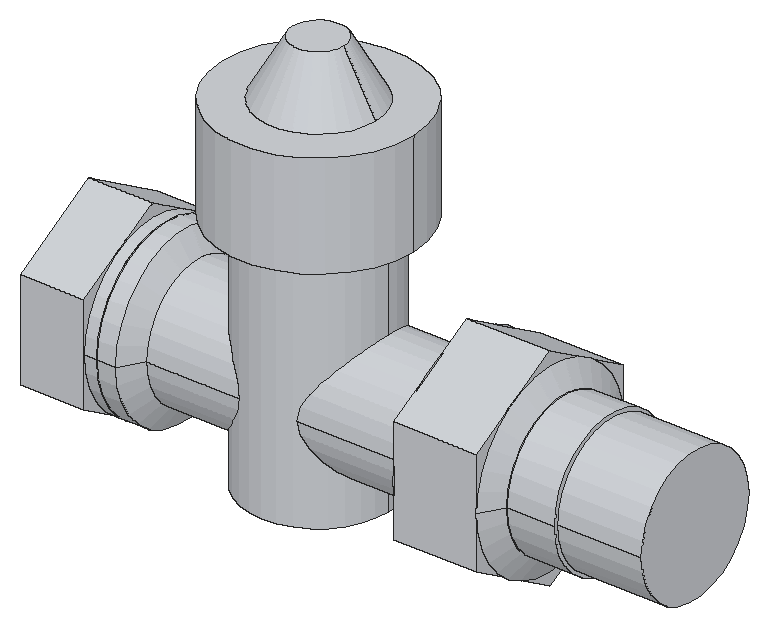
Revit family "Vario-DP_přímý_DN015_RFA_2018", category Pipe Accessories, Revit 2018
Family settings
  Round Connector Dimension = Use Diameter
  Part Type = Valve - Breaks Into
  Work Plane-Based = No
  Always vertical = Yes
  Cut with Voids When Loaded = No
  Shared = No
Parameters (values of type "Vario-DP přímý DN15")
  magiProductId = "86c7649ae082497d8c558b15a6d69e"
  magiProductFamilyId = "9a3b6d3dc30f4d82b1fd8b50564aa5"
  magiPartTypeId = 303
  ang2D [instance] = 0.00°
  Z1 = 5 mm
  W2D = 15 mm
  VersionID = "2.0/2021.2.17.1/FRESE_RADCON_RAD_LO_SHI_S_201"
  VIS0 = no
  Use Minimum Symbol Size [instance] = no
  URL = "www.hydronix.cz"
  Type Comments = "Termostatický radiátorový ventil s integrovaným omezovačem průtoku; přímý; závitový, PN10; +0~+90°C; pracovní dp 15-70kPa; max. síla pohonu 120N; připojení hlavice: M30x1,5"
  TL__ve = -TL  # -13.2 mm
  TL = 13.2 mm
  SW_2 = no
  SW_1 = yes
  SW2_LLDONLY = and(SW2, LLDONLY)  # no
  SW2_LLDAndHLD = and(SW2, LLDAndHLD)  # no
  SW2_ENBL350 = and(SW2, ENBL350)  # no
  SW22 = no
  SW2 = no
  SW1_LLDONLY = and(SW1, LLDONLY)  # yes
  SW1_ENBL350 = and(SW1, ENBL350)  # no
  SW11 = no
  SW1 = yes
  SW = yes
  RT_1 = 13.5 mm
  RT_01 = 7.5 mm
  RT_0 = 9 mm
  RTX = 3.5 mm
  RT4 = 11 mm
  RT22 = 16.5 mm
  RT2 = 11 mm
  RT1 = 15.5 mm
  RT0X = 8.5 mm
  RT02 = 14.5 mm
  RT01 = 9 mm
  RT00 = 6 mm
  RT0 = 10 mm
  RT = 10.5 mm
  RR = 5 mm
  QmdConnectorList = "301;D;302;D"
  Productdata [instance] = ""
  Manufacturer = "Hydronix"
  MC Use Limits From Balancing Method = no
  MC Throttling Minimum Value = 0
  MC Throttling Maximum Value = 0
  MC Product Code = "VARIO-DP; přímý DN15; (obj.č.: 161020100); dpmin=15kPa; dpmax: 70kPa;; rozsah nastavení 20-340l/h"
  MC Pressure Drop Minimum Value = 0.0 Pa
  MC Pressure Drop Maximum Value = 0.0 Pa
  MC Enable LOD 350 = no
  MC Enable LOD 200 = no
  L_2 = 40.9 mm
  L_ = 81.8 mm
  LT = 95 mm
  LP = 8.18 mm
  LLDONLY = not(BBVIS)  # yes
  LLDAndHLD = and(or(LLDONLY, MC Enable LOD 350), not(BBVIS))  # yes
  L2D_Min = 30.48 mm
  L2D = 81.8 mm
  L22__ve = -L22  # -13 mm
  L22 = 13 mm
  L2 = 10 mm
  L1__ve = -L1  # -7.5 mm
  L1 = 7.5 mm
  L = 81.8 mm
  HS = 16.25 mm
  H = 23 mm
  ENBL350 = and(MC Enable LOD 350, not(BBVIS))  # no
  Description = "Termostatický radiátorový ventil s omezovačem max. průtoku; DN15; rozsah nastavení omezovače max. průtok: 20-340l/h"
  DT = 21 mm
  DS3 = 4 mm
  DS2 = 9 mm
  DS1 = 15 mm
  D = 15 mm
  CenSd_RT22_6 = RT22 * cos(30.00°)  # 14.289 mm
  CenSd_RT1_6 = RT1 * cos(30.00°)  # 13.423 mm
  CenSd_RT0X_6 = RT0X * cos(30.00°)  # 7.361 mm
  CAT0 = yes
  CAT = no
  C = 36 mm
  BZ = 48 mm
  BY = 16 mm
  BBVIS = MC Enable LOD 200  # no
Types (3, lengths in mm): name | magiProductId | Z1 | W2D | TL__ve | TL | RT_1 | RTX | RT4 | RT22 | RT1 | RT02 | RT | MC Product Code | L_2 | L_ | LT | LP | L2D | L | Description | DT | D | CenSd_RT22_6 | CenSd_RT1_6 | C | BY
  Vario-DP přímý DN10 | "cff3df26e6cf48da84c7a4aeae022f" | 4 | 10 | -10.1 | 10.1 | 11.35 | 1.35 | 8.85 | 14.35 | 13.35 | 12.35 | 8.35 | "VARIO-DP; přímý DN10; (obj.č.: 161010100); dpmin=15kPa; dpmax: 70kPa;; rozsah nastavení 20-340l/h" | 37.5 | 75 | 85 | 7.5 | 75 | 75 | "Termostatický radiátorový ventil s omezovačem max. průtoku; DN10; rozsah nastavení omezovače max. průtok: 20-340l/h" | 16.7 | 10 | 12.427 | 11.561 | 32 | 16
  Vario-DP přímý DN20 | "65e4e24176f04ec8add0c08a0806a3" | 7 | 20 | -14.5 | 14.5 | 16.2 | 6.2 | 13.7 | 19.2 | 18.2 | 15.7 | 13.2 | "VARIO-DP; přímý DN20; (obj.č.: 161030100); dpmin=15kPa; dpmax: 70kPa;; rozsah nastavení 20-340l/h" | 45.75 | 91.5 | 106 | 9.15 | 91.5 | 91.5 | "Termostatický radiátorový ventil s omezovačem max. průtoku; DN20; rozsah nastavení omezovače max. průtok: 20-340l/h" | 26.4 | 20 | 16.628 | 15.762 | 40 | 19.2
  Vario-DP přímý DN15 | "86c7649ae082497d8c558b15a6d69e" | 5 | 15 | -13.2 | 13.2 | 13.5 | 3.5 | 11 | 16.5 | 15.5 | 14.5 | 10.5 | "VARIO-DP; přímý DN15; (obj.č.: 161020100); dpmin=15kPa; dpmax: 70kPa;; rozsah nastavení 20-340l/h" | 40.9 | 81.8 | 95 | 8.18 | 81.8 | 81.8 | "Termostatický radiátorový ventil s omezovačem max. průtoku; DN15; rozsah nastavení omezovače max. průtok: 20-340l/h" | 21 | 15 | 14.289 | 13.423 | 36 | 16
Reference planes
  plane 1 "Center (Front/Back)": y = 0
  plane 2 "XYPLANE": z = 0
  plane 3 "Center (Left/Right)": x = 0
  plane 4 "196": z = -15
  plane 5 "195": z = -10
  plane 6 "194": x = -15.9
  plane 7 "193": x = -9.9
  plane 8 "186": x = -28.9
  plane 9 "179": y = 13.5
  plane 10 "178": y = 10
  plane 11 "177": x = -23.9
  plane 12 "176": x = -25.9
  plane 13 "175": x = -30.9
  plane 14 "173": x = 0
  plane 15 "172": x = -40.9
  plane 16 "170": z = 18
  plane 17 "152": z = 48
  plane 18 "139": z = 2
  plane 19 "129": z = 13
  plane 20 "116": z = 39.25
  plane 21 "73": y = -16
  plane 22 "72": y = 16
  plane 23 "68": z = 48
  plane 24 "54": z = 20
  plane 25 "41": z = 23
  plane 26 "36": x = 40.9
  plane 27 "34": x = 16.4
  plane 28 "33": x = 18.4
  plane 29 "24": x = 31.4
  plane 30 "23": x = 33.4
  plane 31 "9": x = 40.9
  plane 32 "8": x = 54.1
  plane 33 "7": z = -16.5
  plane 34 "3": y = 0
  plane 35 "2": x = -4.9
  plane 36 "1": z = 0
Forms (mm)
  Blend 1, solid, visible <- "LLDAndHLD"
    base sketch origin (-23.9, -750, 0) x (0, 1, 0) y (0, 0, 1)
      loop
        circle (750, 0) r 10
    top sketch origin (-23.9, -750, 0) x (0, 1, 0) y (0, 0, 1)
      loop
        circle (750, 0) r 10
    from 0 to 40.3
  Extrusion 2, solid, visible <- "ENBL350"
    sketch origin (-750, 0, -15) x (1, 0, 0) y (0, 1, 0)
      loop
        circle (745.1, 0) r 5
    from 0 to 5 <- "Z1"
  Revolve 3, solid, visible <- "ENBL350"
    sketch origin (-10.5, 0, 0) x (0, 0, 1) y (1, 0, 0)
      loop
        line (0, 0.6) -> (-15, 0.6)
        arc (-15, 0.6) -> (-9.357, -7.042) -> (0, -5.4) r 9.025
        line (0, -5.4) -> (0, 0.6)
      axis (-15, 5.6) -> (0, 5.6)
    angle from 0 to -360
  Blend 4, solid, visible <- "LLDAndHLD"
    base sketch origin (-30.9, -750, 0) x (0, 1, 0) y (0, 0, 1)
      loop
        circle (750, 0) r 13.5
    top sketch origin (-30.9, -750, 0) x (0, 1, 0) y (0, 0, 1)
      loop
        circle (750, 0) r 13.5
    from 0 to 2
  Blend 5, solid, visible <- "SW2_ENBL350"
    base sketch origin (-750, 0, 20) x (1, 0, 0) y (0, 1, 0)
      loop
        circle (745.1, 0) r 7.5
    top sketch origin (-750, 0, 20) x (1, 0, 0) y (0, 1, 0)
      loop
        circle (745.1, 0) r 10
    from 0 to -2
  Blend 6, solid, visible <- "SW1_ENBL350"
    base sketch origin (-750, 0, 23) x (1, 0, 0) y (0, 1, 0)
      loop
        circle (745.1, 0) r 11
    top sketch origin (-750, 0, 23) x (1, 0, 0) y (0, 1, 0)
      loop
        circle (745.1, 0) r 11
    from 0 to -23
  Revolve 7, solid, visible <- "LLDAndHLD"
    sketch origin (-25.5, 10, 0) x (1, 0, 0) y (0, 1, 0)
      loop
        line (-3.4, 0) -> (1.6, 0) -> (-0.4, 3.5) -> (-3.4, 3.5) -> (-3.4, 0)
      axis (1.6, -10) -> (-3.4, -10)
    angle from 0 to -360
  Blend 8, solid, visible <- "SW2_LLDONLY"
    base sketch origin (-750, 0, -15) x (1, 0, 0) y (0, 1, 0)
      loop
        circle (745.1, 0) r 10
    top sketch origin (-750, 0, -15) x (1, 0, 0) y (0, 1, 0)
      loop
        circle (745.1, 0) r 10
    from 0 to 35
  Blend 9, solid, visible <- "SW2_ENBL350"
    base sketch origin (-750, 0, 13) x (1, 0, 0) y (0, 1, 0)
      loop
        circle (745.1, 0) r 9
    top sketch origin (-750, 0, 13) x (1, 0, 0) y (0, 1, 0)
      loop
        circle (745.1, 0) r 9
    from 0 to -11
  Extrusion 10, solid, visible <- "SW2_ENBL350"
    sketch origin (-750, 0, 18) x (1, 0, 0) y (0, 1, 0)
      loop
        circle (745.1, 0) r 10
    from 0 to -5
  Extrusion 11, solid, visible <- "SW2_LLDAndHLD"
    sketch origin (-750, 0, 23) x (1, 0, 0) y (0, 1, 0)
      loop
        line (753.6, 0) -> (749.35, 7.361) -> (740.85, 7.361) -> (736.6, 0) -> (740.85, -7.361) -> (749.35, -7.361) -> (753.6, 0)
    from 0 to -3
  Blend 12, solid, visible <- "SW1_LLDONLY"
    base sketch origin (-750, 0, -15) x (1, 0, 0) y (0, 1, 0)
      loop
        circle (745.1, 0) r 11
    top sketch origin (-750, 0, -15) x (1, 0, 0) y (0, 1, 0)
      loop
        circle (745.1, 0) r 11
    from 0 to 38
  Blend 13, solid, visible <- "SW1_LLDONLY"
    base sketch origin (-750, 0, 48) x (1, 0, 0) y (0, 1, 0)
      loop
        circle (745.1, 0) r 4
    top sketch origin (-750, 0, 48) x (1, 0, 0) y (0, 1, 0)
      loop
        circle (745.1, 0) r 9
    from 0 to -8.75
  Blend 14, solid, visible <- "BBVIS"
    base sketch origin (-750, 0, 48) x (1, 0, 0) y (0, 1, 0)
      loop
        line (709.1, -16) -> (804.1, -16) -> (804.1, 16) -> (709.1, 16) -> (709.1, -16)
    top sketch origin (-750, 0, 48) x (1, 0, 0) y (0, 1, 0)
      loop
        line (709.1, -16) -> (804.1, -16) -> (804.1, 16) -> (709.1, 16) -> (709.1, -16)
    from 0 to -64.5
  Extrusion 15, solid, visible <- "SW1_LLDONLY"
    sketch origin (-750, 0, 23) x (1, 0, 0) y (0, 1, 0)
      loop
        circle (745.1, 0) r 15
    from 0 to 16.25 <- "HS"
  Extrusion 16, solid, visible <- "LLDAndHLD"
    sketch origin (54.1, -750, 0) x (0, 1, 0) y (0, 0, 1)
      loop
        circle (750, 0) r 10.5
    from 0 to -13.2 <- "TL__ve"
  Blend 17, solid, visible <- "LLDAndHLD"
    base sketch origin (18.4, -750, 0) x (0, 1, 0) y (0, 0, 1)
      loop
        circle (750, 0) r 14.5
    top sketch origin (18.4, -750, 0) x (0, 1, 0) y (0, 0, 1)
      loop
        circle (750, 0) r 10
    from 0 to -2
  Extrusion 18, solid, visible <- "LLDAndHLD"
    sketch origin (31.4, -750, 0) x (0, 1, 0) y (0, 0, 1)
      loop
        line (750, 16.5) -> (735.711, 8.25) -> (735.711, -8.25) -> (750, -16.5) -> (764.289, -8.25) -> (764.289, 8.25) -> (750, 16.5)
    from 0 to -13 <- "L22__ve"
  Blend 19, solid, visible <- "LLDAndHLD"
    base sketch origin (33.4, -750, 0) x (0, 1, 0) y (0, 0, 1)
      loop
        circle (750, 0) r 11
    top sketch origin (33.4, -750, 0) x (0, 1, 0) y (0, 0, 1)
      loop
        circle (750, 0) r 14.5
    from 0 to -2
  Extrusion 20, solid, visible <- "LLDAndHLD"
    sketch origin (40.9, -750, 0) x (0, 1, 0) y (0, 0, 1)
      loop
        circle (750, 0) r 11
    from 0 to -7.5 <- "L1__ve"
  Extrusion 21, solid, visible <- "LLDAndHLD"
    sketch origin (-40.9, -750, 0) x (0, 1, 0) y (0, 0, 1)
      loop
        line (750, -15.5) -> (763.423, -7.75) -> (763.423, 7.75) -> (750, 15.5) -> (736.577, 7.75) -> (736.577, -7.75) -> (750, -15.5)
    from 0 to 10 <- "L2"
  Extrusion 22, solid, not visible
    sketch origin (-40.9, -750, 0) x (0, 1, 0) y (0, 0, 1)
      loop
        circle (750, 0) r 10
    from 0 to 10
  Extrusion 23, solid, not visible
    sketch origin (40.9, -750, 0) x (0, 1, 0) y (0, 0, 1)
      loop
        circle (750, 0) r 10
    from 0 to -10
Lines and regions (mm)
  reference lines, not visible
    curve 1: circle (2, 2, 0) r 1 normal (0, 0, 1)
  reference lines
    curve 2: line (-15.9, 0, 0) -> (-9.9, 0, -15)
    curve 3: line (-4.9, 0, 23) -> (-7.025, 3.681, 23)
    curve 4: line (-4.9, 0, 23) -> (-9.15, 0, 23)
    curve 5: line (-4.9, 0, 23) -> (-7.025, -3.681, 23)
    curve 6: line (31.4, 0, 0) -> (31.4, 6.214, -3.588)
    curve 7: line (31.4, 0, 0) -> (31.4, 0, -7.175)
    curve 8: line (31.4, 0, 0) -> (31.4, -6.214, -3.588)
    curve 9: line (-40.9, 0, 0) -> (-40.9, 5.781, 3.338)
    curve 10: line (-40.9, 0, 0) -> (-40.9, 0, 6.675)
    curve 11: line (-40.9, 0, 0) -> (-40.9, -5.781, 3.338)
Dimensions and locks
  plane 1 "Center (Front/Back)" to curve 1 = 2 mm
  "Z1": plane 5 "195" to plane 4 "196"
  "RT0": plane 36 "1" to plane 5 "195"
  "RT00": plane 7 "193" to plane 6 "194"
  locked: plane 35 "2" to plane 7 "193" at 5
  locked: plane 13 "175" to plane 8 "186" at 2
  "RTX": plane 10 "178" to plane 9 "179"
  "RT0": plane 34 "3" to plane 10 "178"
  locked: plane 12 "176" to plane 11 "177" at 2
  locked: plane 8 "186" to plane 12 "176" at 3
  "L2": plane 15 "172" to plane 13 "175"
  locked: plane 3 "Center (Left/Right)" to plane 14 "173"
  "L_2": plane 14 "173" to plane 15 "172"
  locked: plane 24 "54" to plane 16 "170" at 2
  "BZ": plane 36 "1" to plane 17 "152"
  locked: plane 36 "1" to plane 18 "139" at 2
  locked: plane 16 "170" to plane 19 "129" at 5
  locked: plane 23 "68" to plane 20 "116" at 8.75
  "BY": plane 34 "3" to plane 21 "73"
  "BY": plane 34 "3" to plane 22 "72"
  locked: plane 25 "41" to plane 23 "68" at 25
  locked: plane 25 "41" to plane 24 "54" at 3
  "H": plane 36 "1" to plane 25 "41"
  "L_": plane 15 "172" to plane 26 "36"
  locked: plane 28 "33" to plane 27 "34" at 2
  "L22": plane 29 "24" to plane 28 "33"
  locked: plane 30 "23" to plane 29 "24" at 2
  "L1": plane 31 "9" to plane 30 "23"
  "TL": plane 32 "8" to plane 31 "9"
  "LT": plane 15 "172" to plane 32 "8"
  "RT22": plane 36 "1" to plane 33 "7"
  locked: plane 1 "Center (Front/Back)" to plane 34 "3"
  "C": plane 15 "172" to plane 35 "2"
  locked: plane 2 "XYPLANE" to plane 36 "1"
  "RR": curve 2 to Revolve 3 sketch curve
  Revolve 3 sketch curve to Revolve 3 sketch curve = 0 mm  (x6)
  Revolve 7 sketch curve to Revolve 7 sketch curve = 0 mm  (x8)
  "CenSd_RT0X_6": curve 3 to Extrusion 11 sketch curve  (x2)
  "CenSd_RT0X_6": curve 4 to Extrusion 11 sketch curve  (x2)
  "CenSd_RT0X_6": curve 5 to Extrusion 11 sketch curve  (x2)
  Extrusion 11 sketch curve to Extrusion 11 sketch curve = 0 mm  (x12)
  Blend 14 sketch curve to Blend 14 sketch curve = 0 mm  (x16)
  "CenSd_RT22_6": curve 6 to Extrusion 18 sketch curve  (x2)
  "CenSd_RT22_6": curve 7 to Extrusion 18 sketch curve  (x2)
  "CenSd_RT22_6": curve 8 to Extrusion 18 sketch curve  (x2)
  Extrusion 18 sketch curve to Extrusion 18 sketch curve = 0 mm  (x12)
  "CenSd_RT1_6": curve 9 to Extrusion 21 sketch curve  (x2)
  "CenSd_RT1_6": curve 10 to Extrusion 21 sketch curve  (x2)
  "CenSd_RT1_6": curve 11 to Extrusion 21 sketch curve  (x2)
  Extrusion 21 sketch curve to Extrusion 21 sketch curve = 0 mm  (x12)
  "RT0": radius of Blend 1 sketch curve  (x2)
  "RR": radius of Extrusion 2 sketch curve
  "RT_1": radius of Blend 4 sketch curve  (x2)
  "RT0": radius of Blend 5 sketch curve
  "RT_01": radius of Blend 5 sketch curve
  "RT2": radius of Blend 6 sketch curve  (x2)
  "RT0": radius of Blend 8 sketch curve  (x2)
  "RT01": radius of Blend 9 sketch curve
  "RT_0": radius of Blend 9 sketch curve
  "RT0": radius of Extrusion 10 sketch curve
  "RT2": radius of Blend 12 sketch curve  (x2)
  "DS2": radius of Blend 13 sketch curve
  "DS3": radius of Blend 13 sketch curve
  "DS1": radius of Extrusion 15 sketch curve
  "RT": radius of Extrusion 16 sketch curve
  "RT0": radius of Blend 17 sketch curve
  "RT02": radius of Blend 17 sketch curve
  "RT02": radius of Blend 19 sketch curve
  "RT4": radius of Blend 19 sketch curve
  "RT4": radius of Extrusion 20 sketch curve
  locked: curve 4 to curve 3 (angle 60.00°)
  locked: curve 5 to curve 4 (angle 60.00°)
  locked: curve 5 to curve 3 (angle 120.00°)
  locked: curve 7 to curve 6 (angle 60.00°)
  locked: curve 8 to curve 7 (angle 60.00°)
  locked: curve 8 to curve 6 (angle 120.00°)
  locked: curve 10 to curve 9 (angle 60.00°)
  locked: curve 11 to curve 10 (angle 60.00°)
  locked: curve 11 to curve 9 (angle 120.00°)
  aligned and locked: level to plane 2 "XYPLANE"
  aligned and locked: Blend 1 sketch curve to plane 34 "3"  (x2)
  aligned and locked: plane 36 "1" to Blend 1 sketch curve  (x2)
  aligned and locked: plane 27 "34" to Blend 1
  aligned and locked: plane 34 "3" to Extrusion 2 sketch curve
  aligned and locked: plane 35 "2" to Extrusion 2 sketch curve
  aligned and locked: plane 36 "1" to Revolve 3 sketch curve  (x2)
  aligned and locked: Revolve 3 sketch curve to plane 7 "193"  (x2)
  aligned and locked: Revolve 3 sketch curve to plane 6 "194"
  aligned and locked: curve 2 to plane 6 "194"
  aligned and locked: plane 36 "1" to curve 2
  aligned and locked: plane 4 "196" to curve 2
  aligned and locked: curve 2 to plane 7 "193"
  aligned and locked: plane 4 "196" to Revolve 3 sketch curve  (x2)
  aligned and locked: Revolve 3 sketch curve to plane 35 "2"
  aligned and locked: Blend 4 sketch curve to plane 34 "3"  (x2)
  aligned and locked: plane 36 "1" to Blend 4 sketch curve  (x2)
  aligned and locked: plane 8 "186" to Blend 4
  aligned and locked: plane 34 "3" to Blend 5 sketch curve  (x2)
  aligned and locked: plane 35 "2" to Blend 5 sketch curve  (x2)
  aligned and locked: Blend 5 to plane 16 "170"
  aligned and locked: plane 34 "3" to Blend 6 sketch curve  (x2)
  aligned and locked: plane 35 "2" to Blend 6 sketch curve  (x2)
  aligned and locked: Blend 6 to plane 36 "1"
  aligned and locked: plane 8 "186" to Revolve 7 sketch curve  (x3)
  aligned and locked: plane 10 "178" to Revolve 7 sketch curve  (x2)
  aligned and locked: plane 9 "179" to Revolve 7 sketch curve  (x2)
  aligned and locked: plane 12 "176" to Revolve 7 sketch curve
  aligned and locked: plane 11 "177" to Revolve 7 sketch curve  (x2)
  aligned and locked: plane 34 "3" to Blend 8 sketch curve  (x2)
  aligned and locked: plane 35 "2" to Blend 8 sketch curve  (x2)
  aligned and locked: plane 24 "54" to Blend 8
  aligned and locked: plane 34 "3" to Blend 9 sketch curve  (x2)
  aligned and locked: plane 35 "2" to Blend 9 sketch curve  (x2)
  aligned and locked: Blend 9 to plane 18 "139"
  aligned and locked: plane 34 "3" to Extrusion 10 sketch curve
  aligned and locked: plane 35 "2" to Extrusion 10 sketch curve
  aligned and locked: plane 34 "3" to curve 5
  aligned and locked: plane 35 "2" to curve 5
  aligned and locked: plane 34 "3" to Blend 12 sketch curve  (x2)
  aligned and locked: plane 35 "2" to Blend 12 sketch curve  (x2)
  aligned and locked: plane 25 "41" to Blend 12
  aligned and locked: plane 34 "3" to Blend 13 sketch curve  (x2)
  aligned and locked: plane 35 "2" to Blend 13 sketch curve  (x2)
  aligned and locked: Blend 13 to plane 20 "116"
  aligned and locked: plane 15 "172" to Blend 14 sketch curve  (x4)
  aligned and locked: plane 21 "73" to Blend 14 sketch curve  (x4)
  aligned and locked: plane 22 "72" to Blend 14 sketch curve  (x4)
  aligned and locked: plane 32 "8" to Blend 14 sketch curve  (x4)
  aligned and locked: Blend 14 to plane 33 "7"
  aligned and locked: plane 34 "3" to Extrusion 15 sketch curve
  aligned and locked: plane 35 "2" to Extrusion 15 sketch curve
  aligned and locked: Extrusion 16 sketch curve to plane 34 "3"
  aligned and locked: plane 36 "1" to Extrusion 16 sketch curve
  aligned and locked: Blend 17 sketch curve to plane 34 "3"  (x2)
  aligned and locked: plane 36 "1" to Blend 17 sketch curve  (x2)
  aligned and locked: Blend 17 to plane 27 "34"
  aligned and locked: curve 8 to plane 34 "3"
  aligned and locked: plane 36 "1" to curve 8
  aligned and locked: Blend 19 sketch curve to plane 34 "3"  (x2)
  aligned and locked: plane 36 "1" to Blend 19 sketch curve  (x2)
  aligned and locked: Blend 19 to plane 29 "24"
  aligned and locked: Extrusion 20 sketch curve to plane 34 "3"
  aligned and locked: plane 36 "1" to Extrusion 20 sketch curve
  aligned and locked: curve 11 to plane 34 "3"
  aligned and locked: plane 36 "1" to curve 11
  aligned and locked: Extrusion 22 sketch curve to plane 34 "3"
  aligned and locked: plane 36 "1" to Extrusion 22 sketch curve
  aligned and locked: Extrusion 23 sketch curve to plane 34 "3"
  aligned and locked: plane 36 "1" to Extrusion 23 sketch curve
  aligned and locked: plane 34 "3" to nested 1
  aligned and locked: plane 35 "2" to nested 1
Automatic sketch dimensions
  plane 1 "Center (Front/Back)" to Revolve 7 sketch curve = 0 mm
  Extrusion 22 sketch curve to plane 10 "178" = 0 mm
  Extrusion 23 sketch curve to plane 10 "178" = 0 mm
  plane 3 "Center (Left/Right)" to curve 1 = 2 mm
  radius of curve 1 = 1 mm
Nested families
  nested 1: "0_2" at (-4.9, 0, 23) x (0, -1, 0) z (0, 0, 1), visible <- "SW1", type "Size1"
    with VIS0 no, ModelLinesVisible no, H33 11.35 mm, H3 11.25 mm, H2 8.75 mm, H1 5 mm, H 25 mm, DX 13 mm, D3 4 mm, D2 9 mm, D1 15 mm, D 16 mm, CAT no
Connectors
  piping at (-40.9, 0, 0), diameter 15, driven by "D"
    settings: on Extrusion 22, index 1, connector inside diameter 609.6 mm, connector length 0 mm, flow factor 0, pipe flow 0.0 L/s, pressure drop 0.0 Pa, fitting loss kfactor 0, connector angle 0.00°, fixture units 0, engagement length 0 mm, angle of deflection 0.00°, flow configuration 0, flow direction 0, fitting loss method 0, system type 29, joint type 0, gender type 0, connector reference index 2, connector utility 0, adjustable connector no, is connector primary yes, connector description ""
  piping at (40.9, 0, 0), diameter 15, driven by "D"
    settings: on Extrusion 23, index 2, connector inside diameter 609.6 mm, connector length 0 mm, flow factor 0, pipe flow 0.0 L/s, pressure drop 0.0 Pa, fitting loss kfactor 0, connector angle 0.00°, fixture units 0, engagement length 0 mm, angle of deflection 0.00°, flow configuration 0, flow direction 0, fitting loss method 0, system type 29, joint type 0, gender type 0, connector reference index 1, connector utility 0, adjustable connector no, is connector primary no, connector description ""
